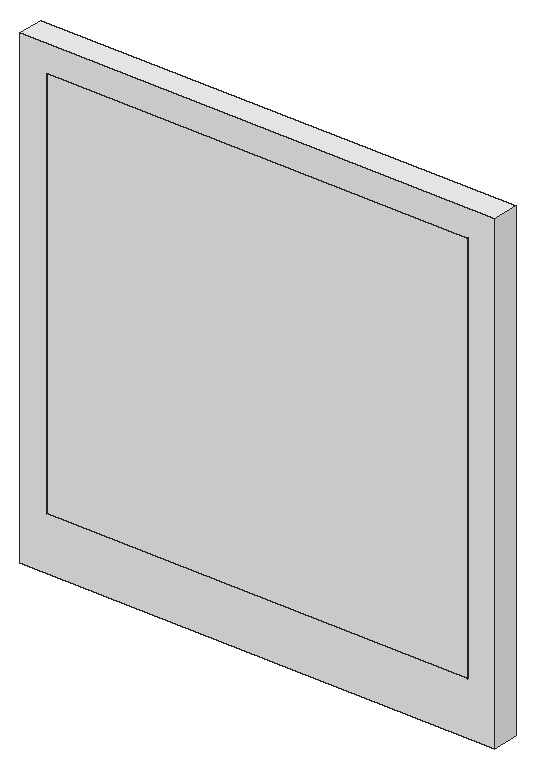
Revit family "WST_A3-Shutter-(plain-panel)", category Generic Models, host Wall, Revit 2016
Family settings
  Host = Wall
  Part Type = Normal
  Can host rebar = No
  Round Connector Dimension = Use Diameter
  Always vertical = Yes
  Cut with Voids When Loaded = No
  Shared = No
  Room Calculation Point = No
Parameters (values of type "Shutter")
  height = 3' - 0"
  width = 3' - 0"
Reference planes (in)
  plane 1: y = 0
  plane 2: x = 21.58525
  plane 3: x = -14.41475
  plane 4: z = 108.76981
  plane 5: z = 72.76981
  plane 6: x = 19.58525
  plane 7: x = -12.41475
  plane 8: z = 106.76981
  plane 9: z = 76.76981
Forms (in)
  Extrusion 1, solid, material "shutter"
    sketch origin (-60, 3, 0) x (-1, 0, 0) y (0, 0, 1)
      loop
        line (-81.58525, 108.76981) -> (-81.58525, 72.76981) -> (-45.58525, 72.76981) -> (-45.58525, 108.76981) -> (-81.58525, 108.76981)
      loop
        line (-79.58525, 106.76981) -> (-79.58525, 76.76981) -> (-47.58525, 76.76981) -> (-47.58525, 106.76981) -> (-79.58525, 106.76981)
    from 0 to 2
  Extrusion 2, solid, material "shutter"
    sketch origin (-60, 3, 0) x (-1, 0, 0) y (0, 0, 1)
      loop
        line (-47.58525, 106.76981) -> (-79.58525, 106.76981) -> (-79.58525, 76.76981) -> (-47.58525, 76.76981) -> (-47.58525, 106.76981)
    from 0 to 1.5
Text (in)
  text "Placement Side" at (0, 40.15149, 123.01588), in view "Right"
  text "Placement Side" at (-70.3804, 28.46503, 0), in view "Ref. Level"
  text "Placement Side" at (0, 47.49176, 140.59947), in view "Left"
Dimensions and locks (in)
  "height": plane 5 to plane 4
  "width": plane 2 to plane 3
  plane 8 to plane 4 = 0' - 2"
  plane 2 to plane 6 = 0' - 2"
  plane 7 to plane 3 = 0' - 2"
  plane 5 to plane 9 = 0' - 4"
  aligned and locked: plane 2 to Extrusion 1 sketch curve
  aligned and locked: plane 4 to Extrusion 1 sketch curve
  aligned and locked: plane 5 to Extrusion 1 sketch curve
  aligned and locked: plane 3 to Extrusion 1 sketch curve
  aligned and locked: plane 7 to Extrusion 2 sketch curve
  aligned and locked: Extrusion 2 sketch curve to plane 8
  aligned and locked: plane 9 to Extrusion 2 sketch curve
  aligned and locked: plane 6 to Extrusion 2 sketch curve
  aligned and locked: Extrusion 1 sketch curve to Extrusion 2  (x4)
